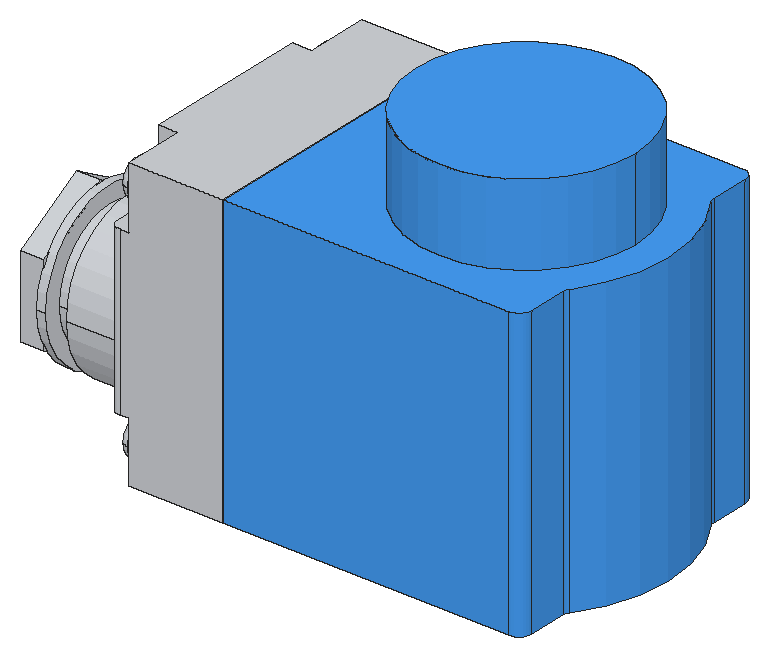
Revit family "BE Coil", category Pipe Accessories, Revit 2019
Family settings
  Round Connector Dimension = Use Diameter
  Part Type = Normal
  Work Plane-Based = No
  Always vertical = Yes
  Cut with Voids When Loaded = No
  Shared = Yes
Parameters (values of type "BE024DS 24V DC Box_018F6797")
  URL = "https://www.danfoss.com/"
  Supply voltage d.c. = "24,00 V"
  Supply voltage a.c. = "-"
  Power consumption = "16,0 W"
  Model = "018F6797"
  Manufacturer = "Danfoss"
  IfcExportType = "BE"  # constant formula
  IfcExportAs = "IfcValveType"  # constant formula
  Frequency = "-"
  Enclosure rating = "IP67"
  Description = "BE024DS 24V DC Box"
  Coil connection = "Connection Box"
  Ambient temperature range = "-40 - 50 °C"
Types (6, lengths in mm): name | Supply voltage d.c. | Supply voltage a.c. | Power consumption | Model | Frequency | Description | Ambient temperature range
  (no name) | "24,00 V" | "-" | "16,0 W" | "018F6797" | "-" | "BE024DS 24V DC Box" | "-40 - 50 °C"
  BE230AS 220-230V 50Hz Box_018F6701 | "-" | "220-230 V" | "10 W" | "018F6707" | "50 Hz" | "BE024AS 24V 50Hz Box" | "-40 - 80 °C"
  BE024AS 24V 50Hz Box_018F6707 | "-" | "24 V" | "10 W" | "018F6701" | "50 Hz" | "BE230AS 220-230V 50Hz Box" | "-40 - 80 °C"
  BE240CS 208-240V 50/60Hz Low Power_018F6783 | "-" | "208 - 240 V" | "4 W" | "018F6783" | "50/60 Hz" | "BE230AS 220-230V 50Hz Box" | "-25 - 55 °C"
  BE012DS 12V DC Box_018F6796 | "12,00 V" | "-" | "15,0 W" | "018F6796" | "-" | "BE012DS 12V DC Box" | "-40 - 50 °C"
  BE024DS 24V DC Box_018F6797 | "24,00 V" | "-" | "16,0 W" | "018F6797" | "-" | "BE024DS 24V DC Box" | "-40 - 50 °C"
Reference planes
  plane 1 "Center (Front/Back)": y = 0
  plane 2: z = 0
  plane 3 "Center (Left/Right)": x = 0
  plane 4: y = 14.619
  plane 5: y = -12.359
  plane 6: z = 127.652
  plane 7 "left": x = -64
  plane 8: z = 30.036
  plane 9: x = -53.019
  plane 10: z = 12.195
  plane 11 "top screw": z = 40.587
  plane 12 "bottom screw": z = 4.694
Forms (mm)
  Extrusion 1, solid, material "BLUE"
    sketch origin (0, 0, 0) x (1, 0, 0) y (0, 1, 0)
      loop
        circle (0, 0) r 17.116
    from 45.2 to 57.9
  Extrusion 2, solid, material "BLUE"
    sketch origin (0, 0, 0) x (1, 0, 0) y (0, 1, 0)
      loop
        line (15.5, 22.75) -> (-29.102, 22.75) -> (-29.102, -22.75) -> (15.5, -22.75)
        arc (15.5, -22.75) -> (16.914, -22.164) -> (17.5, -20.75) r 2
        line (17.5, -20.75) -> (17.5, -14.663)
        arc (17.5, -14.663) -> (17.572, -14.206) -> (17.782, -13.794) r 1.477
        arc (17.782, -13.794) -> (22.254, -0.031) -> (17.782, 13.732) r 23.416
        arc (17.782, 13.732) -> (17.572, 14.177) -> (17.5, 14.663) r 1.675
        line (17.5, 14.663) -> (17.5, 20.75)
        arc (17.5, 20.75) -> (16.914, 22.164) -> (15.5, 22.75) r 2
    from 0 to 45.2
  Extrusion 3, solid
    sketch origin (0, 0, 0) x (1, 0, 0) y (0, 1, 0)
      loop
        line (-29.102, 22.75) -> (-45.199, 22.75)
        arc (-45.199, 22.75) -> (-46.332, 22.28) -> (-46.802, 21.147) r 1.603
        line (-46.802, 21.147) -> (-46.802, -21.375)
        arc (-46.802, -21.375) -> (-46.325, -22.422) -> (-45.222, -22.75) r 1.388
        line (-45.222, -22.75) -> (-29.102, -22.75) -> (-29.102, 22.75)
    from 0 to 45.2
  Extrusion 4, void
    sketch origin (-64, 0, 0) x (0, 1, 0) y (0, 0, 1)
      loop
        line (-13.154, 45.88) -> (-23.302, 45.88) -> (-23.302, 35.475) -> (-17.863, 35.475)
        arc (-17.863, 35.475) -> (-14.533, 36.854) -> (-13.154, 40.185) r 4.71
        line (-13.154, 40.185) -> (-13.154, 45.88)
    from 15.794 to 20.204
  Extrusion 5, void
    sketch origin (-64, 0, 0) x (0, -1, 0) y (0, 0, -1)
      loop
        line (-12.894, -45.88) -> (-12.894, -40.185)
        arc (-12.894, -40.185) -> (-14.274, -36.854) -> (-17.604, -35.475) r 4.71
        line (-17.604, -35.475) -> (-23.302, -35.475) -> (-23.302, -45.88) -> (-12.894, -45.88)
    from 15.794 to 20.204
  Extrusion 6, void
    sketch origin (-64, 0, 44.95) x (0, -1, 0) y (0, 0, -1)
      loop
        line (-12.894, 45.88) -> (-23.302, 45.88) -> (-23.302, 35.475) -> (-17.604, 35.475)
        arc (-17.604, 35.475) -> (-14.274, 36.854) -> (-12.894, 40.185) r 4.71
        line (-12.894, 40.185) -> (-12.894, 45.88)
    from 15.794 to 20.204
  Extrusion 7, void
    sketch origin (-64, 0, 44.95) x (0, 1, 0) y (0, 0, 1)
      loop
        line (-13.167, -45.88) -> (-13.167, -40.185)
        arc (-13.167, -40.185) -> (-14.547, -36.854) -> (-17.877, -35.475) r 4.71
        line (-17.877, -35.475) -> (-23.302, -35.475) -> (-23.302, -45.88) -> (-13.167, -45.88)
    from 15.794 to 20.204
  Extrusion 8, solid
    sketch origin (-64, 0, 0) x (0, 1, 0) y (0, 0, 1)
      loop
        circle (0, 12.195) r 12.5
      loop
        circle (0, 12.195) r 7.016
    from 2.222 to 17.198
  Extrusion 9, solid
    sketch origin (-64, 0, 0) x (0, 1, 0) y (0, 0, 1)
      loop
        circle (0, 12.195) r 7.016
      loop
        circle (0, 12.195) r 10
    from -0.976 to 2.222
  Extrusion 10, solid
    sketch origin (-64, 0, 0) x (0, 1, 0) y (0, 0, 1)
      loop
        circle (0, 12.195) r 7.016
      loop
        circle (0, 12.195) r 12.5
    from -2.371 to -0.976
  Extrusion 11, solid
    sketch origin (-64, 0, 0) x (0, 1, 0) y (0, 0, 1)
      loop
        circle (0, 12.195) r 7.016
      loop
        line (-11.125, 18.576) -> (-11.125, 5.874) -> (-0.125, -0.477) -> (10.875, 5.874) -> (10.875, 18.576) -> (-0.125, 24.927) -> (-11.125, 18.576)
    from -6.069 to -2.371
  Revolve 12, solid
    sketch origin (0, 0, 40.587) x (0, -1, 0) y (1, 0, 0)
      loop
        line (-18, -44.202) -> (-21.01, -44.202) -> (-21.01, -45.202)
        arc (-21.01, -45.202) -> (-20.737, -46.056) -> (-20.02, -46.594) r 1.474
        line (-20.02, -46.594) -> (-18, -46.594) -> (-18, -44.202)
      axis (-18, -44.202) -> (-18, -46.594)
    angle from 0 to 360
  Revolve 13, solid
    sketch origin (0, -36.255, 40.587) x (0, -1, 0) y (1, 0, 0)
      loop
        line (-18, -44.202) -> (-21.01, -44.202) -> (-21.01, -45.202)
        arc (-21.01, -45.202) -> (-20.737, -46.056) -> (-20.02, -46.594) r 1.474
        line (-20.02, -46.594) -> (-18, -46.594) -> (-18, -44.202)
      axis (-18, -44.202) -> (-18, -46.594)
    angle from 0 to 360
  Revolve 14, solid
    sketch origin (0, -36.255, 4.337) x (0, -1, 0) y (1, 0, 0)
      loop
        line (-18, -44.202) -> (-21.01, -44.202) -> (-21.01, -45.202)
        arc (-21.01, -45.202) -> (-20.737, -46.056) -> (-20.02, -46.594) r 1.474
        line (-20.02, -46.594) -> (-18, -46.594) -> (-18, -44.202)
      axis (-18, -44.202) -> (-18, -46.594)
    angle from 0 to 360
  Revolve 15, solid
    sketch origin (0, 0.005, 4.337) x (0, -1, 0) y (1, 0, 0)
      loop
        line (-18, -44.202) -> (-21.01, -44.202) -> (-21.01, -45.202)
        arc (-21.01, -45.202) -> (-20.737, -46.056) -> (-20.02, -46.594) r 1.474
        line (-20.02, -46.594) -> (-18, -46.594) -> (-18, -44.202)
      axis (-18, -44.202) -> (-18, -46.594)
    angle from 0 to 360
Cuts and joins
  Extrusion 4, Extrusion 5, Extrusion 6, Extrusion 7 cuts Extrusion 3
Dimensions and locks
  aligned and locked: level to plane 2
